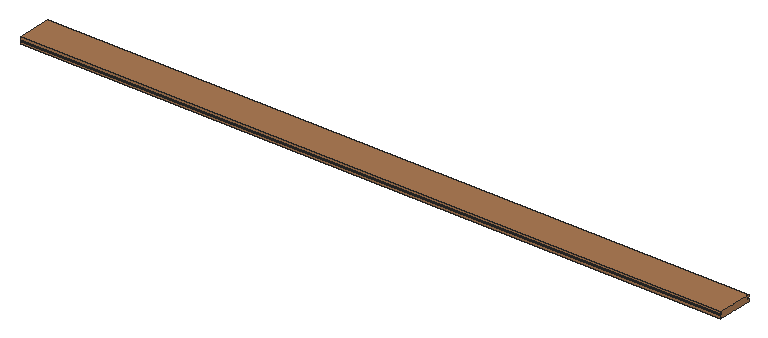
Revit family "SCI_FL_DK25-L6 CN", category Generic Models, host Floor, Revit 2019
Family settings
  Host = Floor
  Can host rebar = No
  Round Connector Dimension = Use Diameter
  Part Type = Normal
  Always vertical = Yes
  Cut with Voids When Loaded = No
  Shared = No
  Room Calculation Point = No
Parameters
  Weight/Sheet (kg) = 12
  W = 140 mm
  Sub-Category = "ไม้พื้น"
  Series = "ไม้พื้นตันแคนนาดา หน้า 6\"(Decking Luxury Elegance Prestige 6\")"
  Product code = "DK25-L6 CN T"
  Product Type = "ไม้ระแนง ภายนอก(Decking Outdoor)"
  Product Description = "https://bit.ly/3jCPfRr"
  No. of pc / sq.m. = 2.55
  Material main = WPC
  Material = Teak
  Manufacturer = "SCI WOOD"
  L = 2800 mm
  Keynote = ""
  Instruction Video = "https://youtu.be/5dEMXPDnq1Y"
  D = 25 mm
  Category = "พื้น"
  Catalog = "https://bit.ly/3ftvBpc"
  Assembly Code = ""
Reference planes
  plane 1 "Center (Front/Back)": y = 0
  plane 2: z = 0
  plane 3 "Center (Left/Right)": x = 0
  plane 4: x = -1400
  plane 5: x = 1400
  plane 6: z = 25
  plane 7: y = 70
  plane 8: y = -70
  plane 9: y = 63
  plane 10: y = -63
  plane 11: z = 15.766
  plane 12: z = 9.234
  plane 13: z = 12.5
  plane 14: z = 1.5
Forms (mm)
  Extrusion 1, solid, material "Teak" <- "Material"
    sketch origin (0, 0, 0) x (0, 1, 0) y (0, 0, 1)
      loop
        line (70, 0) -> (70, 9.234) -> (63, 9.234) -> (63, 15.766) -> (70, 15.766) -> (70, 25) -> (-70, 25) -> (-70, 15.766) -> (-63, 15.766) -> (-63, 9.234) -> (-70, 9.234) -> (-70, 0) -> (-61.066, 0)
        arc (-61.066, 0) -> (-59.51, 0.348) -> (-58.25, 1.324) r 3.656
        line (-58.25, 1.324) -> (-56.75, 1.324)
        arc (-56.75, 1.324) -> (-55, -0.001) -> (-53.25, 1.324) r 1.818
        line (-53.25, 1.324) -> (-51.75, 1.324)
        arc (-51.75, 1.324) -> (-50, -0.001) -> (-48.25, 1.324) r 1.818
        line (-48.25, 1.324) -> (-46.75, 1.324)
        arc (-46.75, 1.324) -> (-45, -0.001) -> (-43.25, 1.324) r 1.818
        line (-43.25, 1.324) -> (-41.75, 1.324)
        arc (-41.75, 1.324) -> (-40, -0.001) -> (-38.25, 1.324) r 1.818
        line (-38.25, 1.324) -> (-36.75, 1.324)
        arc (-36.75, 1.324) -> (-35, -0.001) -> (-33.25, 1.324) r 1.818
        line (-33.25, 1.324) -> (-31.75, 1.324)
        arc (-31.75, 1.324) -> (-30, -0.001) -> (-28.25, 1.324) r 1.818
        line (-28.25, 1.324) -> (-26.75, 1.324)
        arc (-26.75, 1.324) -> (-25, -0.001) -> (-23.25, 1.324) r 1.818
        line (-23.25, 1.324) -> (-21.75, 1.324)
        arc (-21.75, 1.324) -> (-20, -0.001) -> (-18.25, 1.324) r 1.818
        line (-18.25, 1.324) -> (-16.75, 1.324)
        arc (-16.75, 1.324) -> (-15, -0.001) -> (-13.25, 1.324) r 1.818
        line (-13.25, 1.324) -> (-11.75, 1.324)
        arc (-11.75, 1.324) -> (-10, -0.001) -> (-8.25, 1.324) r 1.818
        line (-8.25, 1.324) -> (-6.75, 1.324)
        arc (-6.75, 1.324) -> (-6.472, 0.495) -> (-5.75, 0) r 1.377
        line (-5.75, 0) -> (5.75, 0)
        arc (5.75, 0) -> (6.472, 0.495) -> (6.75, 1.324) r 1.377
        line (6.75, 1.324) -> (8.25, 1.324)
        arc (8.25, 1.324) -> (10, -0.001) -> (11.75, 1.324) r 1.818
        line (11.75, 1.324) -> (13.25, 1.324)
        arc (13.25, 1.324) -> (15, -0.001) -> (16.75, 1.324) r 1.818
        line (16.75, 1.324) -> (18.25, 1.324)
        arc (18.25, 1.324) -> (20, -0.001) -> (21.75, 1.324) r 1.818
        line (21.75, 1.324) -> (23.25, 1.324)
        arc (23.25, 1.324) -> (25, -0.001) -> (26.75, 1.324) r 1.818
        line (26.75, 1.324) -> (28.25, 1.324)
        arc (28.25, 1.324) -> (30, -0.001) -> (31.75, 1.324) r 1.818
        line (31.75, 1.324) -> (33.25, 1.324)
        arc (33.25, 1.324) -> (35, -0.001) -> (36.75, 1.324) r 1.818
        line (36.75, 1.324) -> (38.25, 1.324)
        arc (38.25, 1.324) -> (40, -0.001) -> (41.75, 1.324) r 1.818
        line (41.75, 1.324) -> (43.25, 1.324)
        arc (43.25, 1.324) -> (45, -0.001) -> (46.75, 1.324) r 1.818
        line (46.75, 1.324) -> (48.25, 1.324)
        arc (48.25, 1.324) -> (50, -0.001) -> (51.75, 1.324) r 1.818
        line (51.75, 1.324) -> (53.25, 1.324)
        arc (53.25, 1.324) -> (55, -0.001) -> (56.75, 1.324) r 1.818
        line (56.75, 1.324) -> (58.25, 1.324)
        arc (58.25, 1.324) -> (59.51, 0.348) -> (61.066, 0) r 3.656
        line (61.066, 0) -> (70, 0)
    from -1400 to 1400
Dimensions and locks
  equal spacing: plane 5, plane 3 "Center (Left/Right)", plane 4
  "L": plane 5 to plane 4
  "D": plane 6 to plane 2
  equal spacing: plane 7, plane 1 "Center (Front/Back)", plane 8
  "W": plane 7 to plane 8
  locked: plane 7 to plane 9 at 7
  locked: plane 10 to plane 8 at 7
  equal spacing: plane 6, plane 13, plane 2
  plane 6 to plane 11 = 9.234 mm
  equal spacing: plane 11, plane 13, plane 12, locked at 3.266 each
  locked: plane 11 to plane 12 at 6.531
  plane 12 to plane 2 = 9.234 mm
  plane 14 to plane 2 = 1.5 mm
  aligned and locked: level to plane 2
  aligned and locked: plane 5 to Extrusion 1
  aligned and locked: Extrusion 1 to plane 4
  aligned and locked: plane 7 to Extrusion 1 sketch curve  (x2)
  aligned and locked: Extrusion 1 sketch curve to plane 8  (x2)
  aligned and locked: plane 6 to Extrusion 1 sketch curve
  aligned and locked: Extrusion 1 sketch curve to plane 9
  aligned and locked: Extrusion 1 sketch curve to plane 10
  aligned and locked: Extrusion 1 sketch curve to plane 11
  aligned and locked: Extrusion 1 sketch curve to plane 12
  aligned and locked: plane 11 to Extrusion 1 sketch curve
  aligned and locked: plane 12 to Extrusion 1 sketch curve
Automatic sketch dimensions
  Extrusion 1 sketch curve to level = 0 mm  (x3)
  Extrusion 1 sketch curve to plane 7 = 0 mm  (x2)
  Extrusion 1 sketch curve to plane 10 = 1.934 mm
  Extrusion 1 sketch curve to plane 14 = 0.176 mm  (x22)
  Extrusion 1 sketch curve to Extrusion 1 sketch curve = 2.816 mm
  Extrusion 1 sketch curve to Extrusion 1 sketch curve = 1.5 mm  (x22)
  plane 14 to Extrusion 1 sketch curve = 0.317 mm  (x20)
  Extrusion 1 sketch curve to Extrusion 1 sketch curve = 1.75 mm  (x20)
  Extrusion 1 sketch curve to Extrusion 1 sketch curve = 1.377 mm
  Extrusion 1 sketch curve to plane 1 "Center (Front/Back)" = 5.373 mm
  Extrusion 1 sketch curve to Extrusion 1 sketch curve = 0.377 mm
  plane 9 to Extrusion 1 sketch curve = 1.934 mm
